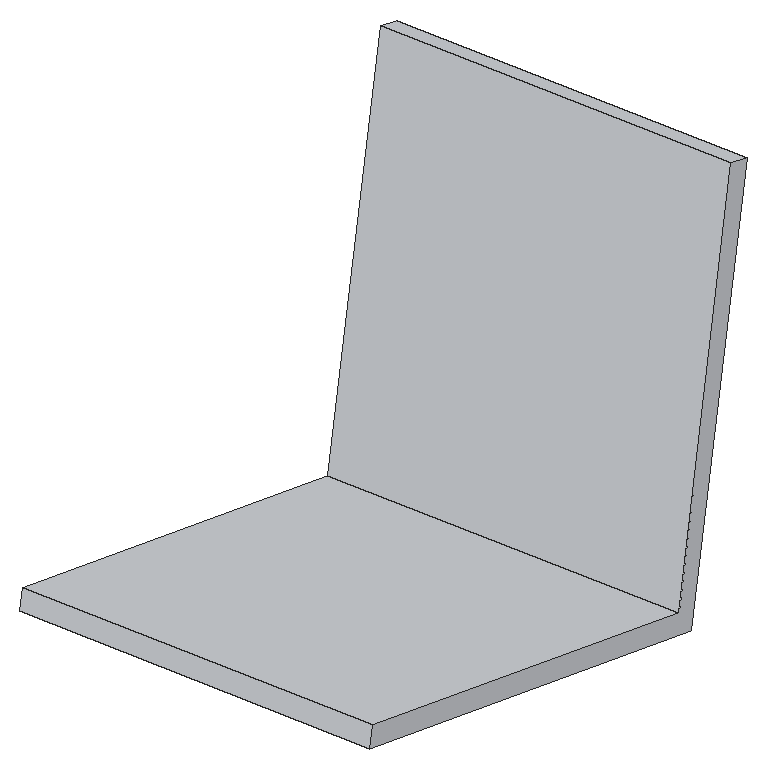
Revit family "Stadium_Seat_New", category Furniture, Revit 2018
Family settings
  OmniClass Number = 23.40.20.00
  OmniClass Title = General Furniture and Specialties
  Work Plane-Based = Yes
  Always vertical = Yes
  Cut with Voids When Loaded = No
  Shared = No
  Room Calculation Point = No
Parameters (values of type "450x600")
  Seath width = 450 mm
  Seath thickness = 25 mm
  Seat height = 370 mm
  Seat depth = 600 mm
  Seat angle = 10.00°
  Height = 760 mm
  Default Elevation = 1219.2 mm
  Back angle = 10.00°
Reference planes
  plane 1: z = 0
  plane 2 "Center (Left/Right)": x = 0
  plane 3 "Center (Front/Back)": y = -1453.862
  plane 4: z = 370
  plane 5: z = 760
Forms (mm)
  Extrusion 1, solid
    sketch origin (0, -600, 0) x (0, 1, 0) y (0, 0, 1)
      loop
        line (-253.862, 760) -> (-278.482, 764.341) -> (-363.268, 283.495) -> (-853.862, 370) -> (-858.203, 345.38) -> (-342.989, 254.534) -> (-253.862, 760)
    from -225 to 225
Dimensions and locks
  "Seat height": plane 4 to plane 1
  "Height": plane 5 to plane 1
  "Seath thickness": Extrusion 1 sketch curve to Extrusion 1 sketch curve  (x2)
  aligned and locked: level to plane 1
Automatic sketch dimensions
  Extrusion 1 sketch curve to plane 3 "Center (Front/Back)" = 0 mm
  Extrusion 1 sketch curve to plane 5 = 0 mm
  Extrusion 1 sketch curve to plane 4 = 0 mm
  level to Extrusion 1 sketch curve = 345.38 mm
  Extrusion 1 sketch curve to plane 4 = 86.505 mm
